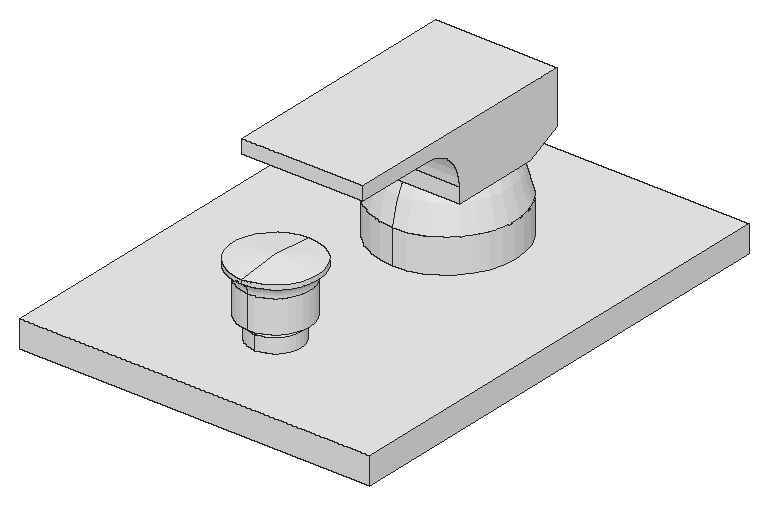
Revit family "Deca_Monocomando 4 vias_2994.C90_Alta e Baixa Pressão", category Plumbing Fixtures, host Face, Revit 2010
Parameters (values of type "2994.C90_Cromado CR10")
  WFU = 0
  Vendido Separadamente = ""
  Variações de COR = "Cromado (2994.C90)."  # constant formula
  URL = "www.deca.com.br/produtos"
  Segmento = "Luxo"  # constant formula
  Raio Água Quente = 7.5 mm  # constant formula
  Raio Água Fria = 7.5 mm  # constant formula
  Produto = "Monocomando 4 vias 1/2 e 3/4 - Alta e Baixa Pressão"  # constant formula
  Pressão = "2 A 40 mca"  # constant formula
  Peso Liquido (Kg) = 2.437
  Norma = "ABNT NBR 10283: 2003"  # constant formula
  Monocomando = Deca CR10 Cromado Metal
  Model = Código  # "2994.C90"
  Material = "Deca_Latão Cromado e Plástico de Engenharia"  # constant formula
  Manufacturer = "Deca"  # constant formula
  Louça/Metais = "Metal"  # constant formula
  Linha = "Unic"  # constant formula
  Informações Complementares = "Recomendável com pressão mínima de 6 m.c.a para aquecedor de passagem e de 2 m.c.a para aquecedor de acumulação"  # constant formula
  HWFU = 0
  Flow Pressure = 0.00 psi
  Diâmetro Água Quente = Raio Água Quente * 2  # 15 mm
  Diâmetro Água Fria = Raio Água Fria * 2  # 15 mm
  Description = "Monocomando 4 vias"  # constant formula
  Default Elevation = 0 mm
  Código = "2994.C90"  # constant formula
  Criado por = "Contino/quattroD"  # constant formula
  Consumo = "Varia com a pressão"  # constant formula
  CWFU = 0
  Atendimento ao Cliente = "0800-0117073"  # constant formula
  Assembly Code = "D2020"
  Aprovado por = "Contino/quattroD"  # constant formula
  Acompanha o Produto = ""
Reference planes
  plane 1 "Center (Front/Back)": y = 0
  plane 2: z = 0
  plane 3 "Center (Left/Right)": x = 0
  plane 4 "Front 1": z = 10
  plane 5 "Top 1": y = 58.6
  plane 6 "Front 2": z = 63.02
  plane 7 "Bottom 1": y = -117.4
  plane 8 "Rigth 1": x = 65
  plane 9 "Left 1": x = -65
Forms (mm)
  Extrusion 1, solid, material "Deca CR10 Cromado Metal" <- "Monocomando"
    sketch origin (0, 0, 0) x (1, 0, 0) y (0, 1, 0)
      loop
        line (-65, 58.6) -> (-65, -117.4) -> (65, -117.4) -> (65, 58.6) -> (-65, 58.6)
    from 0 to 10
  Revolve 2, solid, material "Deca CR10 Cromado Metal" <- "Monocomando"
    sketch origin (0, 0, 0) x (0, 1, 0) y (0, 0, 1)
      loop
        line (-89.5, 10) -> (-80, 10) -> (-80, 37.88)
        arc (-80, 37.88) -> (-87.885, 37.497) -> (-95.7, 36.38) r 84.5
        line (-95.7, 36.38) -> (-95.7, 34.78)
        arc (-95.7, 34.78) -> (-93.552, 32.935) -> (-92.75, 30.22) r 5
        line (-92.75, 30.22) -> (-92.75, 18.18) -> (-87.11, 18.18) -> (-87.11, 15.28) -> (-89.5, 15.28) -> (-89.5, 10)
      axis (-80, 37.88) -> (-80, 10)
    angle from 0 to 360
  Extrusion 3, solid, material "Deca CR10 Cromado Metal" <- "Monocomando"
    sketch origin (0, 0, 0) x (0, 1, 0) y (0, 0, 1)
      loop
        line (-67.5, 58.02) -> (-37.5, 58.02)
        arc (-37.5, 58.02) -> (-26.893, 53.627) -> (-22.5, 43.02) r 15
        line (-22.5, 43.02) -> (-22.5, 37.32) -> (10.062, 37.32) -> (22.5, 43.12) -> (22.5, 63.02) -> (-67.5, 63.02) -> (-67.5, 58.02)
    from -22.5 to 22.5
  Revolve 4, solid, material "Deca CR10 Cromado Metal" <- "Monocomando"
    sketch origin (0, 0, 0) x (0, 1, 0) y (0, 0, 1)
      loop
        line (0, 10) -> (0, 46.416) -> (-14.937, 46.416)
        arc (-14.937, 46.416) -> (-21.462, 35.14) -> (-25.4, 22.72) r 60
        line (-25.4, 22.72) -> (-25.4, 10) -> (0, 10)
      axis (0, 46.416) -> (0, 10)
    angle from 0 to 360
  Extrusion 5, solid, detail levels coarse
    sketch origin (0, 0, 0) x (1, 0, 0) y (0, 1, 0)
      loop
        circle (24.459, -20.077) r 10
    from 0 to -2.064
  Extrusion 6, solid, detail levels coarse
    sketch origin (0, 0, 0) x (-1, 0, 0) y (0, -1, 0)
      loop
        circle (24.459, 20.077) r 10
    from 0 to -2.064
Cuts and joins
  joined: Extrusion 1, Revolve 2, Extrusion 3, Revolve 4
Lines and regions (mm)
  Masking region 1
    outline origin (-318.688, 85.302, 0) x (1, 0, 0) y (0, 1, 0)
      loop
        line (253.688, -26.702) -> (253.688, -202.702) -> (383.688, -202.702) -> (383.688, -26.702) -> (253.688, -26.702)
  Masking region 2
    outline origin (-185.636, 0, -41.253) x (1, 0, 0) y (0, 0, 1)
      loop
        line (120.636, 41.253) -> (250.636, 41.253) -> (250.636, 51.253) -> (211.036, 51.253) -> (211.036, 63.973)
        arc (211.036, 63.973) -> (209.031, 71.432) -> (206.083, 78.573) r 60
        line (206.083, 78.573) -> (208.136, 78.573) -> (208.136, 104.273) -> (163.136, 104.273) -> (163.136, 78.573) -> (165.189, 78.573)
        arc (165.189, 78.573) -> (162.242, 71.432) -> (160.236, 63.973) r 60
        line (160.236, 63.973) -> (160.236, 51.253) -> (120.636, 51.253) -> (120.636, 41.253)
  Masking region 3
    outline origin (0, -189.732, -116.426) x (0, 1, 0) y (0, 0, 1)
      loop
        line (72.332, 116.426) -> (248.332, 116.426) -> (248.332, 126.426) -> (215.132, 126.426) -> (215.132, 139.146)
        arc (215.132, 139.146) -> (212.382, 148.674) -> (208.1, 157.62) r 60
        line (208.1, 157.62) -> (212.232, 159.546) -> (212.232, 179.446) -> (122.232, 179.446) -> (122.232, 174.446) -> (152.232, 174.446)
        arc (152.232, 174.446) -> (162.838, 170.053) -> (167.232, 159.446) r 15
        line (167.232, 159.446) -> (167.232, 153.746) -> (169.285, 153.746)
        arc (169.285, 153.746) -> (166.337, 146.606) -> (164.332, 139.146) r 60
        line (164.332, 139.146) -> (164.332, 126.426) -> (119.232, 126.426) -> (119.232, 131.706) -> (116.841, 131.706) -> (116.841, 134.606) -> (122.482, 134.606) -> (122.482, 146.646)
        arc (122.482, 146.646) -> (123.283, 149.362) -> (125.432, 151.206) r 5
        line (125.432, 151.206) -> (125.432, 152.806)
        arc (125.432, 152.806) -> (117.617, 153.923) -> (109.732, 154.306) r 84.5
        arc (109.732, 154.306) -> (101.847, 153.923) -> (94.032, 152.806) r 84.5
        line (94.032, 152.806) -> (94.032, 151.206)
        arc (94.032, 151.206) -> (96.18, 149.362) -> (96.982, 146.646) r 5
        line (96.982, 146.646) -> (96.982, 134.606) -> (102.622, 134.606) -> (102.622, 131.706) -> (100.232, 131.706) -> (100.232, 126.426) -> (72.332, 126.426) -> (72.332, 116.426)
  symbolic lines
    curve 1: line (-22.5, 22.5, 0) -> (22.5, 22.5, 0)
    curve 2: line (22.5, 22.5, 0) -> (22.5, -67.5, 0)
    curve 3: line (22.5, -67.5, 0) -> (-22.5, -67.5, 0)
    curve 4: line (-22.5, -67.5, 0) -> (-22.5, 22.5, 0)
    curve 5: arc (-22.5, 11.786, 0) -> (-25.4, 0, 0) -> (-22.5, -11.786, 0) r 25.4
    curve 6: arc (11.786, 22.5, 0) -> (0, 25.4, 0) -> (-11.786, 22.5, 0) r 25.4
    curve 7: arc (22.5, -11.786, 0) -> (25.4, 0, 0) -> (22.5, 11.786, 0) r 25.4
    curve 8: arc (-9.499, -67.5, 0) -> (0, -95.7, 0) -> (9.499, -67.5, 0) r 15.7
    curve 9: line (-22.5, 0, 43.12) -> (22.5, 0, 43.12)
    curve 10: line (-25.4, 0, 22.72) -> (25.4, 0, 22.72)
    curve 11: line (-20.447, 0, 37.32) -> (-17.8, 0, 37.32)
    curve 12: line (17.8, 0, 37.32) -> (20.447, 0, 37.32)
    curve 13: arc (-17.8, 0, 37.32) -> (0, 0, 41.193) -> (17.8, 0, 37.32) r 42.838
    curve 14: line (-25.4, 0, 10) -> (25.4, 0, 10)
    curve 15: line (0, -25.4, 10) -> (0, 25.4, 10)
    curve 16: line (0, -89.5, 10) -> (0, -70.5, 10)
    curve 17: line (0, -87.11, 15.28) -> (0, -72.89, 15.28)
    curve 18: line (0, -72.89, 18.18) -> (0, -87.11, 18.18)
    curve 19: line (0, -92.75, 30.22) -> (0, -67.25, 30.22)
    curve 20: line (0, -95.7, 34.78) -> (0, -64.3, 34.78)
    curve 21: line (0, -64.3, 36.38) -> (0, -95.7, 36.38)
    curve 22: line (0, -25.4, 22.72) -> (0, 25.4, 22.72)
    curve 23: line (0, -20.447, 37.32) -> (0, 10.062, 37.32)
    curve 24: line (0, 18.368, 41.193) -> (0, 10.062, 37.32)
Dimensions and locks
  plane 9 "Left 1" to plane 8 "Rigth 1" = 130 mm  (x2)
  plane 7 "Bottom 1" to plane 5 "Top 1" = 176 mm  (x2)
  plane 6 "Front 2" to plane 4 "Front 1" to host face = 53.02 mm, 10 mm
  plane 6 "Front 2" to host face = 63.02 mm  (x2)
  plane 7 "Bottom 1" to plane 1 "Center (Front/Back)" to plane 5 "Top 1" = 117.4 mm, 58.6 mm
  aligned and locked: host face to plane 2
  aligned and locked: level to host face
  aligned and locked: Extrusion 1 to level
  aligned and locked: Extrusion 1 to plane 4 "Front 1"
Connectors
  piping at (24.459, -20.077, 0), driven by "Raio Água Quente", driven by "Flow Pressure", driven by "HWFU"
    settings: on Extrusion 5, index 1, connector radius 0.29528", flow factor 0, pipe flow 0 GPM, pressure drop 0.00 psi, fitting loss kfactor 0, connector angle 0.00°, fixture units 0, engagement length 0 mm, flow configuration 3, flow direction 1, fitting loss method 4, system type 19, joint type 0, gender type 0, connector reference index -1, connector utility 0, adjustable connector no, is connector primary yes, fitting loss table "", connector description ""
  piping at (-24.459, -20.077, 0), driven by "Raio Água Fria", driven by "Flow Pressure", driven by "CWFU"
    settings: on Extrusion 6, index 2, connector radius 0.29528", flow factor 0, pipe flow 0 GPM, pressure drop 0.00 psi, fitting loss kfactor 0, connector angle 0.00°, fixture units 0, engagement length 0 mm, flow configuration 3, flow direction 1, fitting loss method 4, system type 20, joint type 0, gender type 0, connector reference index -1, connector utility 0, adjustable connector no, is connector primary no, fitting loss table "", connector description ""
